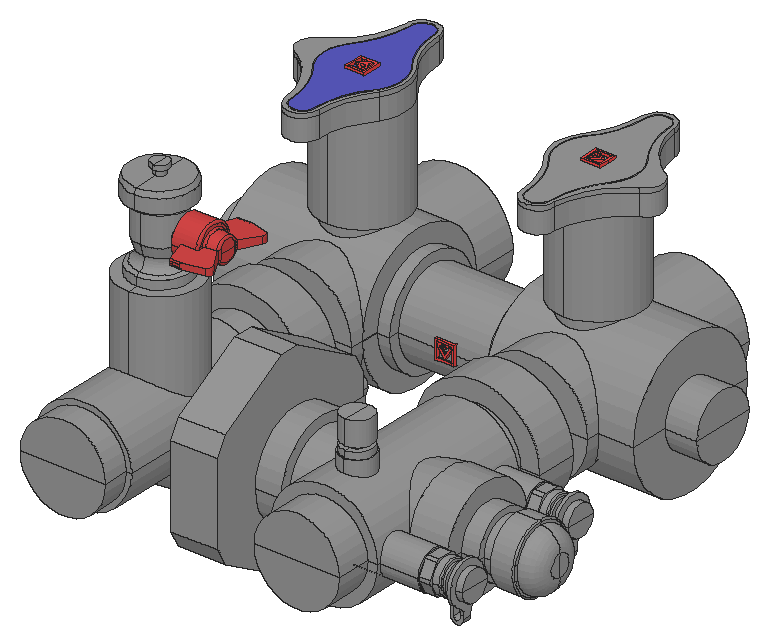
Revit family "HerzCon-Direktanschluss für FanCoils 120mm", category Rohrzubehör, Revit 2021
Family settings
  Bemaßung runder Anschluss = Durchmesser verwenden
  Teiletyp = Unterbricht
  OmniClass-Nummer = 23.65.55.14
  OmniClass-Titel = Valves for Liquid Services
  Arbeitsebenenbasiert = Nein
  Immer vertikal = Ja
  Beim Laden mit Abzugskörper schneiden = Nein
  Gemeinsam genutzt = Nein
Parameters (values of type "DN32")
  kvs-Wert (normale Funktion) = 4.57  # constant formula
  kvs-Wert (Bypass Funktion) = 14.2  # constant formula
  Vorgabe-Ansicht = 0.00 mm
  URL = "www.herz-armaturen.at"
  SCRNSEQ = "ARM;TYP_ARM=\"DURR\";02"
  SCRNCODE = "05;04;04"  # constant formula
  Nennweite SF [instance] = 40.00 mm  # constant formula
  Nennweite Kombi [instance] = 40.00 mm  # constant formula
  Nennweite KH [instance] = 32.00 mm  # constant formula
  Min. Betriebstemperatur = -20 °C  # constant formula
  Membrane und O-Ringe = "EPDM"  # constant formula
  Medium = "Heizungswasser gemäß ÖNORM H5195 oder VDI-Standard 2035.\r\nDie Verwendung von Ethylen- oder Propylenglykol-Gemischen in einem Verhältnis von 25-50 Vol.- % ist erlaubt."
  Max. Differenzdruck = 400000.0 Pa  # constant formula
  Max. Betriebstemperatur = 130 °C  # constant formula
  Max. Betriebsdruck = 2500000.0 Pa  # constant formula
  L11 = 16.00 mm  # constant formula
  L10 = 29.30 mm  # constant formula
  L09 = 20.00 mm  # constant formula
  L08 = 14.75 mm  # constant formula
  L07 = 19.25 mm  # constant formula
  L06 = 17.00 mm  # constant formula
  L05 = 26.50 mm  # constant formula
  L04 = 55.00 mm  # constant formula
  L03 = 22.40 mm  # constant formula
  L02 = 6.10 mm  # constant formula
  L01 = 15.00 mm  # constant formula
  L00 [instance] = 226.20 mm  # constant formula
  KR02 = 18.25 mm  # constant formula
  KR01 = 35.00 mm  # constant formula
  KL09 = 4.70 mm  # constant formula
  KL08 = KL06 + KL07  # 70.70 mm
  KL07 = 21.80 mm  # constant formula
  KL06 = KH01 + KL05  # 48.90 mm
  KL05 = 15.40 mm  # constant formula
  KL04 = 12.00 mm  # constant formula
  KL03 = KH03 - 9.00 mm  # 57.00 mm
  KL02 = 16.00 mm  # constant formula
  KL01 = 114.00 mm  # constant formula
  KH03 = 66.00 mm  # constant formula
  KH02 = KH01 + KD01  # 58.50 mm
  KH01 = 33.50 mm  # constant formula
  KD09 = 11.25 mm  # constant formula
  KD08 = 24.50 mm  # constant formula
  KD07 = 23.30 mm  # constant formula
  KD06 = 15.00 mm  # constant formula
  KD05 = 12.50 mm  # constant formula
  KD04 = 13.90 mm  # constant formula
  KD03 = 20.00 mm  # constant formula
  KD02 = 20.00 mm  # constant formula
  KD01 = 25.00 mm  # constant formula
  Hub = "4 mm"  # constant formula
  Hersteller = "HERZ Armaturen Ges.m.b.H."  # constant formula
  H01 = D02 + 1.00 mm  # 34.00 mm
  Gehäuse = "entzinkungsbeständiges Messing"  # constant formula
  D10 = 21.40 mm  # constant formula
  D09 = 13.00 mm  # constant formula
  D08 = 18.40 mm  # constant formula
  D07 = 39.00 mm  # constant formula
  D06 = 45.00 mm  # constant formula
  D05 = 54.50 mm  # constant formula
  D04 = 20.00 mm  # constant formula
  D03 = 24.50 mm  # constant formula
  D02 = 33.00 mm  # constant formula
  D01 = 15.00 mm  # constant formula
  Bestellnummer [instance] = 1460054  # constant formula
  Anwendungen = "Die HerzCON wurden entwickelt, um eine einfache Verbindung zu Gebläsekonvektoren oder anderen Anschlusseinheiten herzustellen.\r\nEin HerzCON ist eine Einheit, bestehend aus einem druckunabhängigen Kombiventil-Volumenstromregler (4006), Herz-Schmutzfänger, Herz-Entleerungshahn (2512) und zwei Herz-Multifunktionskugelhähnen.\r\nDas Ein-/ Aus Schalten sowie Modulieren ist über einen 0-10 V Stellantrieb möglich und kann bei Bedarf in eine GLT integriert werden.\r\nDie Einheit optimiert die Energieeffizienz des Systems, da es eine druckunabhängige Regelung ist, die den vollen Regelbereich unabhängig von Druckschwankungen gewährleistet, während gleichzeitig ein konstanter Durchfluss sichergestellt wird.\r\nMit der HerzCON können auch Spül- und Absperrvorgänge durchgeführt werden.\r\nEine Einheit kann für Heizen und Kühlen verwendet werden.\r\nEs gibt daher keinen Produktunterschied zwischen Heizen und Kühlen.\r\nDer am Sieb angebrachte Ablasshahn ermöglicht ein Spülen, ohne dass der Siebkorb entfernt werden muss.\r\nAußerdem kann der Siebkorb vor Ort gereinigt werden."
Reference planes
  plane 1 "Mitte (Vorne/hinten)": y = 0
  plane 2: z = 0
  plane 3 "Mitte (Links/rechts)": x = 0
Forms (mm)
  Revolve 1, solid, material "Messing, weicher Gelbton, geschweißt", detail levels fine
    sketch origin (0, -1.436, 0) x (1, 0, 0) y (0, 1, 0)
      loop
        line (-113.1, 1.436) -> (113.1, 1.436) -> (113.1, 16.436) -> (98.1, 16.436) -> (98.1, 34.436) -> (28.5, 34.436) -> (28.5, 25.936) -> (22.4, 25.936) -> (22.4, 21.436) -> (-22.4, 21.436) -> (-22.4, 25.936) -> (-28.5, 25.936) -> (-28.5, 34.436) -> (-98.1, 34.436) -> (-98.1, 16.436) -> (-113.1, 16.436) -> (-113.1, 1.436)
      axis (113.1, 1.436) -> (-113.1, 1.436)
    angle from 0 to 360
  Revolve 2, solid, material "Messing, weicher Gelbton, geschweißt", detail levels fine
    sketch origin (0, 0, 0) x (-1, 0, 0) y (0, 1, 0)
      loop
        line (-55, -57.4) -> (-55, 33.1) -> (-71, 33.1) -> (-71, 54.5) -> (-81.5, 54.5) -> (-81.5, -39) -> (-69.75, -39) -> (-69.75, -51.4) -> (-84.3, -51.4) -> (-84.3, -70.4) -> (-75, -70.4) -> (-75, -57.4) -> (-55, -57.4)
      axis (-55, -70.4) -> (-55, 54.5)
    angle from 0 to 360
  Revolve 3, solid, material "Messing, weicher Gelbton, geschweißt", detail levels fine
    sketch origin (0, 0, 0) x (1, 0, 0) y (0, 0, 1)
      loop
        line (-55, 0) -> (-55, 45) -> (-72, 45) -> (-72, 0) -> (-55, 0)
      axis (-55, 45) -> (-55, 0)
    angle from 0 to 360
  Revolve 4, solid, material "Messing, weicher Gelbton, geschweißt", detail levels fine
    sketch origin (0, 0, 0) x (-1, 0, 0) y (0, 0, 1)
      loop
        line (-55, 0) -> (-55, 45) -> (-72, 45) -> (-72, 0) -> (-55, 0)
      axis (-55, 45) -> (-55, 0)
    angle from 0 to 360
  Revolve 5, solid, material "Messing, weicher Gelbton, geschweißt", detail levels fine
    sketch origin (0, 0, 0) x (1, 0, 0) y (0, 1, 0)
      loop
        line (-55, -57.4) -> (-55, 33.1) -> (-71, 33.1) -> (-71, 54.5) -> (-81.5, 54.5) -> (-81.5, -39) -> (-69.75, -39) -> (-69.75, -51.4) -> (-84.3, -51.4) -> (-84.3, -70.4) -> (-75, -70.4) -> (-75, -57.4) -> (-55, -57.4)
      axis (-55, -70.4) -> (-55, 54.5)
    angle from 0 to 360
  Revolve 6, solid, material "Messing, weicher Gelbton, geschweißt", detail levels fine
    sketch origin (10, 7.177, 0) x (1, 0, 0) y (0, 1, 0)
      loop
        line (45, -68.677) -> (25, -68.677) -> (25, -84.677) -> (20, -84.677) -> (20, -166.677) -> (25, -166.677) -> (25, -182.677) -> (45, -182.677) -> (45, -68.677)
      axis (45, -68.677) -> (45, -182.677)
    angle from 0 to 360
  Revolve 7, solid, material "Messing, weicher Gelbton, geschweißt", detail levels fine
    sketch origin (10, -105.85, 0) x (1, 0, 0) y (0, 1, 0)
      loop
        line (11.5, -12.65) -> (11.5, -32.65) -> (45, -32.65) -> (70, -35.95) -> (87.8, -35.95) -> (87.8, -27.65) -> (96.3, -27.65) -> (96.3, -25.15) -> (102, -25.15) -> (102, -26.55) -> (111, -26.55) -> (111, -12.65) -> (11.5, -12.65)
      axis (11.5, -12.65) -> (111, -12.65)
    angle from 0 to 360
  Revolve 8, solid, material "Messing, weicher Gelbton, geschweißt", detail levels fine
    sketch origin (10, -105.85, 0) x (1, 0, 0) y (0, 1, 0)
      loop
        line (11.5, -12.65) -> (-3.9, -12.65) -> (-3.9, -23.9) -> (-0.5, -23.9) -> (-0.5, -37.15) -> (11.5, -37.15) -> (11.5, -12.65)
      axis (-3.9, -12.65) -> (11.5, -12.65)
    angle from 0 to 360
  Extrusion 9, solid, material "Messing, weicher Gelbton, geschweißt", detail levels fine
    sketch origin (-4.9, 62.574, 0) x (0, 1, 0) y (0, 0, 1)
      loop
        line (-176.324, 46) -> (-185.824, 46) -> (-218.536, 27.114) -> (-223.286, 18.886) -> (-223.286, -18.886) -> (-218.536, -27.114) -> (-185.824, -46) -> (-176.324, -46) -> (-143.612, -27.114) -> (-138.862, -18.886) -> (-138.862, 18.886) -> (-143.612, 27.114) -> (-176.324, 46)
    from 11 to -10.8
  Revolve 10, solid, material "Messing, weicher Gelbton, geschweißt", detail levels fine
    sketch origin (-4.9, -105.85, 0) x (1, 0, 0) y (0, 1, 0)
      loop
        line (-10.8, -12.65) -> (-10.8, 22.35) -> (-15.5, 5.6) -> (-15.5, -12.65) -> (-10.8, -12.65)
      axis (-15.5, -12.65) -> (-10.8, -12.65)
    angle from 0 to 360
  Extrusion 11, solid, material "Messing, weicher Gelbton, geschweißt", detail levels fine
    sketch origin (-4.9, -105.85, 0) x (1, 0, 0) y (0, 0, 1)
      loop
        line (11, 8) -> (-7.5, 8)
        arc (-7.5, 8) -> (-15.5, 0) -> (-7.5, -8) r 8
        line (-7.5, -8) -> (11, -8) -> (11, 8)
    from -30.847 to 12.65
  Revolve 12, solid, material "Messing, weicher Gelbton, geschweißt", detail levels fine
    sketch origin (-4.9, -105.85, 0) x (1, 0, 0) y (0, 1, 0)
      loop
        line (-14.5, 30.847) -> (-7.5, 30.847) -> (-7.5, 46.847) -> (-14.5, 46.847) -> (-14.5, 35.847) -> (-11.5, 35.847) -> (-11.5, 33.847) -> (-14.5, 33.847) -> (-14.5, 30.847)
      axis (-7.5, 46.847) -> (-7.5, 30.847)
    angle from 0 to 360
  Revolve 13, solid, material "Messing, weicher Gelbton, geschweißt", detail levels fine
    sketch origin (55, -105.85, 0) x (0, 1, 0) y (0, 0, 1)
      loop
        line (-34.65, 0) -> (-26.85, 0) -> (-26.85, 31) -> (-27.65, 31) -> (-27.65, 34) -> (-30.65, 34) -> (-30.65, 36) -> (-27.65, 36) -> (-27.65, 47) -> (-34.65, 47) -> (-34.65, 0)
      axis (-34.65, 47) -> (-34.65, 0)
    angle from 0 to 360
  Revolve 14, solid, material "Messing, weicher Gelbton, geschweißt", detail levels fine
    sketch origin (0, 0, 0) x (1, 0, 0) y (0, 1, 0)
      loop
        line (55, -96.5) -> (97.8, -96.5) -> (97.8, -87.5) -> (55, -87.5) -> (55, -96.5)
      axis (97.8, -87.5) -> (55, -87.5)
    angle from 0 to 360
  Revolve 15, solid, material "Messing, weicher Gelbton, geschweißt", detail levels fine
    sketch origin (0, -396.8, 0) x (1, 0, 0) y (0, -1, 0)
      loop
        line (55, -256.3) -> (97.8, -256.3) -> (97.8, -247.3) -> (55, -247.3) -> (55, -256.3)
      axis (97.8, -247.3) -> (55, -247.3)
    angle from 0 to 360
  Revolve 16, solid, material "Messing, weicher Gelbton, geschweißt", detail levels fine
    sketch origin (0, 251.113, 0) x (1, 0, 0) y (0, 1, 0)
      loop
        line (-55, -312.613) -> (-75, -312.613) -> (-75, -335.613) -> (-77.5, -335.613) -> (-77.5, -413.943) -> (-75, -413.943) -> (-75, -425.613) -> (-55, -425.613) -> (-55, -312.613)
      axis (-55, -312.613) -> (-55, -425.613)
    angle from 0 to 360
  Revolve 17, solid, material "Messing, weicher Gelbton, geschweißt", detail levels fine
    sketch origin (-55, 0, 0) x (0, 1, 0) y (0, 0, 1)
      loop
        line (-105, 0) -> (-105, -36)
        arc (-105, -36) -> (-92.506, -32.657) -> (-84.5, -22.5) r 20.5
        line (-84.5, -22.5) -> (-84.5, 0) -> (-105, 0)
      axis (-105, 0) -> (-105, -36)
    angle from 0 to 360
  Revolve 18, solid, material "Messing, weicher Gelbton, geschweißt", detail levels fine
    sketch origin (-55, -511.376, 0) x (0, 1, 0) y (0, 0, 1)
      loop
        line (393.376, 0) -> (411.876, 0) -> (411.876, 57) -> (406.876, 57) -> (406.876, 61) -> (404.999, 62.084)
        arc (404.999, 62.084) -> (402.831, 64.622) -> (402.743, 67.959) r 5
        line (402.743, 67.959) -> (404.381, 73) -> (404.381, 88) -> (406.581, 88) -> (406.581, 89.5) -> (408.361, 89.5) -> (408.361, 96) -> (407.361, 98.5) -> (395.861, 98.5) -> (395.861, 101.5) -> (397.361, 101.5) -> (397.361, 103.5) -> (393.376, 103.5) -> (393.376, 0)
      axis (393.376, 103.5) -> (393.376, 0)
    angle from 0 to 360
  Extrusion 19, solid, material "Messing, weicher Gelbton, geschweißt", detail levels fine
    sketch origin (5.52, -501.459, 12) x (0, 1, 0) y (0, 0, 1)
      loop
        circle (383.459, 65) r 5.5
    from -60.52 to -43.52
Dimensions and locks
  "L00": Revolve 1 sketch curve to Revolve 1 sketch curve
  "L01": Revolve 1 sketch curve to Revolve 1 sketch curve  (x2)
  "L02": Revolve 1 sketch curve to Revolve 1 sketch curve  (x2)
  equal spacing: Revolve 1 sketch curve, plane 3 "Mitte (Links/rechts)", Revolve 1 sketch curve
  "D01": Revolve 1 sketch curve to Revolve 1 sketch curve  (x2)
  "D02": Revolve 1 sketch curve to Revolve 1 sketch curve  (x2)
  "D03": Revolve 1 sketch curve to Revolve 1 sketch curve  (x2)
  "D04": Revolve 1 sketch curve to Revolve 1 sketch curve
  "D04": nested 2 to plane 1 "Mitte (Vorne/hinten)"
  "D04": nested 1 to plane 1 "Mitte (Vorne/hinten)"
  "L03": Revolve 1 sketch curve to plane 3 "Mitte (Links/rechts)" to Revolve 1 sketch curve
  "L05": Revolve 2 sketch curve to Revolve 2 sketch curve
  "L04": plane 3 "Mitte (Links/rechts)" to Revolve 2 sketch curve  (x2)
  "L04": plane 3 "Mitte (Links/rechts)" to Revolve 3 sketch curve  (x2)
  "L06": Revolve 3 sketch curve to Revolve 3 sketch curve
  "D06": Revolve 3 sketch curve to plane 2
  "L06": Revolve 4 sketch curve to Revolve 4 sketch curve
  "D06": Revolve 4 sketch curve to plane 2
  "L04": plane 3 "Mitte (Links/rechts)" to Revolve 4 sketch curve
  "L04": Revolve 4 sketch curve to plane 3 "Mitte (Links/rechts)"
  "L04": plane 3 "Mitte (Links/rechts)" to nested 3
  "L04": nested 4 to plane 3 "Mitte (Links/rechts)"
  "H01": nested 3 to plane 2
  "H01": nested 4 to plane 2
  "D05": plane 1 "Mitte (Vorne/hinten)" to Revolve 2 sketch curve
  "D07": Revolve 2 sketch curve to plane 1 "Mitte (Vorne/hinten)"
  "D08": Revolve 2 sketch curve to Revolve 2 sketch curve
  "L08": Revolve 2 sketch curve to Revolve 2 sketch curve
  "L10": Revolve 2 sketch curve to Revolve 2 sketch curve
  "L09": Revolve 2 sketch curve to Revolve 2 sketch curve
  "D09": Revolve 2 sketch curve to Revolve 2 sketch curve
  "L05": Revolve 5 sketch curve to Revolve 5 sketch curve
  "D08": Revolve 5 sketch curve to Revolve 5 sketch curve
  "L08": Revolve 5 sketch curve to Revolve 5 sketch curve
  "L10": Revolve 5 sketch curve to Revolve 5 sketch curve
  "L09": Revolve 5 sketch curve to Revolve 5 sketch curve
  "D09": Revolve 5 sketch curve to Revolve 5 sketch curve
  "D05": plane 1 "Mitte (Vorne/hinten)" to Revolve 5 sketch curve
  "D07": Revolve 5 sketch curve to plane 1 "Mitte (Vorne/hinten)"
  "L11": Revolve 5 sketch curve to Revolve 5 sketch curve
  "L04": Revolve 5 sketch curve to plane 3 "Mitte (Links/rechts)"  (x2)
  "D10": Revolve 5 sketch curve to Revolve 5 sketch curve
  "L11": Revolve 2 sketch curve to Revolve 2 sketch curve
  "D10": Revolve 2 sketch curve to Revolve 2 sketch curve
  "KD02": Revolve 6 sketch curve to Revolve 6 sketch curve  (x2)
  "KD01": Revolve 6 sketch curve to Revolve 6 sketch curve
  Revolve 6 sketch curve to Revolve 6 sketch curve = 114.00 mm
  "KL02": Revolve 6 sketch curve to Revolve 6 sketch curve  (x2)
  equal spacing: Revolve 6, Revolve 7 sketch curve, Revolve 6  (x2)
  Revolve 7 sketch curve to Revolve 7 sketch curve = 99.50 mm
  Revolve 7 sketch curve to Revolve 7 sketch curve = 9.00 mm
  Revolve 7 sketch curve to Revolve 7 sketch curve = 5.70 mm
  Revolve 7 sketch curve to Revolve 7 sketch curve = 8.50 mm
  "KD04": Revolve 7 sketch curve to Revolve 7 sketch curve
  "KD05": Revolve 7 sketch curve to Revolve 7 sketch curve
  "KD06": Revolve 7 sketch curve to Revolve 7 sketch curve
  "KD03": Revolve 7 sketch curve to Revolve 7 sketch curve
  "KH01": Revolve 7 sketch curve to Revolve 7 sketch curve
  "KH02": Revolve 7 sketch curve to Revolve 7 sketch curve
  "KH01": Revolve 8 sketch curve to Revolve 7
  equal spacing: Revolve 6, Revolve 8 sketch curve, Revolve 6  (x2)
  "KD08": Revolve 8 sketch curve to Revolve 8 sketch curve
  "KD09": Revolve 8 sketch curve to Revolve 8 sketch curve
  "KL05": Revolve 8 sketch curve to Revolve 8 sketch curve
  "KL04": Revolve 8 sketch curve to Revolve 8 sketch curve
  equal spacing: Revolve 6, Revolve 10 sketch curve, Revolve 6  (x2)
  "KR02": Revolve 10 sketch curve to Revolve 10 sketch curve
  "KR01": Revolve 10 sketch curve to Revolve 10 sketch curve
  "KL09": Revolve 10 sketch curve to Extrusion 9
  equal spacing: Revolve 6, nested 5, Revolve 6
  Revolve 12 sketch curve to Revolve 12 sketch curve = 7.00 mm  (x2)
  Revolve 12 sketch curve to Revolve 12 sketch curve = 4.00 mm
  Revolve 12 sketch curve to Revolve 12 sketch curve = 3.00 mm
  Revolve 12 sketch curve to Revolve 12 sketch curve = 2.00 mm
  Revolve 12 sketch curve to Revolve 12 sketch curve = 11.00 mm
  Revolve 10 to Revolve 12 sketch curve = 1.00 mm
  Revolve 10 to Revolve 12 sketch curve = 8.00 mm
  Extrusion 11 to Revolve 12 sketch curve = 43.497 mm
  equal spacing: Revolve 6, Extrusion 11, Revolve 6
  Revolve 13 sketch curve to Revolve 13 sketch curve = 7.80 mm
  Revolve 13 sketch curve to Revolve 13 sketch curve = 7.00 mm  (x2)
  Revolve 13 sketch curve to Revolve 13 sketch curve = 4.00 mm
  Revolve 13 sketch curve to Revolve 13 sketch curve = 3.00 mm
  Revolve 13 sketch curve to Revolve 13 sketch curve = 2.00 mm
  Revolve 13 sketch curve to Revolve 13 sketch curve = 11.00 mm
  "L04": plane 3 "Mitte (Links/rechts)" to Revolve 6 sketch curve  (x2)
  "KH03": Revolve 7 sketch curve to Revolve 7 sketch curve
  "KD07": Revolve 7 sketch curve to Revolve 7 sketch curve
  "KL03": Revolve 7 to nested 5
  "KL06": Extrusion 9 to Revolve 7
  Extrusion 9 sketch curve to Extrusion 9 sketch curve = 92.00 mm  (x3)
  Extrusion 9 sketch curve to Extrusion 9 sketch curve = 84.424 mm  (x3)
  "KL07": Extrusion 9 to Extrusion 9
  "KL08": Revolve 10 sketch curve to Revolve 7
  Revolve 6 to Extrusion 9 sketch curve = 14.788 mm
  Extrusion 9 sketch curve to Revolve 6 = 14.788 mm
  Extrusion 11 sketch curve to Extrusion 11 sketch curve = 26.50 mm
  Revolve 14 sketch curve to Revolve 14 sketch curve = 42.80 mm
  Revolve 14 sketch curve to Revolve 14 sketch curve = 9.00 mm
  Revolve 14 sketch curve to Revolve 6 = 26.00 mm  (x2)
  Revolve 15 sketch curve to Revolve 15 sketch curve = 42.80 mm
  Revolve 15 sketch curve to Revolve 15 sketch curve = 9.00 mm
  Revolve 6 to Revolve 15 sketch curve = 26.00 mm  (x2)
  Revolve 6 to nested 6 = 26.00 mm
  Revolve 7 to nested 6 = 42.80 mm
  nested 7 to Revolve 6 = 26.00 mm
  Revolve 7 to nested 7 = 42.80 mm
  Revolve 13 sketch curve to plane 2 = 31.00 mm
  Revolve 13 sketch curve to Revolve 6 = 35.00 mm  (x2)
  Revolve 2 to Revolve 6 = 230.00 mm
  Revolve 16 sketch curve to Revolve 16 sketch curve = 23.00 mm
  Revolve 16 sketch curve to Revolve 16 sketch curve = 11.67 mm
  Revolve 16 sketch curve to Revolve 16 sketch curve = 113.00 mm
  "L04": Revolve 16 sketch curve to plane 3 "Mitte (Links/rechts)"  (x2)
  Revolve 16 sketch curve to Revolve 16 sketch curve = 20.00 mm  (x2)
  Revolve 16 sketch curve to Revolve 16 sketch curve = 22.50 mm
  Revolve 17 sketch curve to Revolve 17 sketch curve = 22.50 mm
  Revolve 17 sketch curve to Revolve 17 sketch curve = 20.50 mm
  "L04": Revolve 17 to plane 3 "Mitte (Links/rechts)"
  Revolve 18 sketch curve to Revolve 18 sketch curve = 13.50 mm
  "L04": Revolve 18 to plane 3 "Mitte (Links/rechts)"
  Revolve 18 sketch curve to plane 2 = 57.00 mm
  Revolve 18 sketch curve to Revolve 18 sketch curve = 4.00 mm
  equal spacing: Revolve 16, Revolve 18 sketch curve, Revolve 16  (x2)
  "L04": Extrusion 19 to plane 3 "Mitte (Links/rechts)"
  Extrusion 19 to Extrusion 19 = 17.00 mm
  Revolve 18 to Extrusion 19 = 11.00 mm
  Revolve 18 to nested 8 = 11.00 mm
  equal spacing: Revolve 16, nested 8, Revolve 16
  equal spacing: Revolve 16, Extrusion 19 sketch curve, Revolve 16
  Revolve 16 to Revolve 5 = 229.00 mm
  Revolve 16 to Revolve 17 sketch curve = 43.50 mm  (x2)
  plane 2 to Revolve 17 sketch curve = 36.00 mm
  radius of Extrusion 11 sketch curve = 8.00 mm
  radius of Extrusion 19 sketch curve = 5.50 mm
  aligned and locked: level to plane 2
Automatic sketch dimensions
  Extrusion 9 sketch curve to level = 27.114 mm  (x2)
  Extrusion 9 sketch curve to Extrusion 9 sketch curve = 4.75 mm  (x2)
  level to Extrusion 9 sketch curve = 27.114 mm  (x2)
  Extrusion 9 sketch curve to Extrusion 9 sketch curve = 32.712 mm  (x2)
  level to Extrusion 9 sketch curve = 46.00 mm
  Extrusion 9 sketch curve to Extrusion 9 sketch curve = 9.50 mm
  Extrusion 9 sketch curve to Extrusion 9 sketch curve = 8.227 mm  (x2)
  Extrusion 11 sketch curve to level = 0.00 mm
  Extrusion 11 sketch curve to plane 3 "Mitte (Links/rechts)" = 12.40 mm
  Revolve 12 sketch curve to Revolve 12 sketch curve = 1.775 mm
  Revolve 12 sketch curve to Revolve 12 sketch curve = 4.225 mm
  Revolve 13 sketch curve to level = 0.00 mm
  level to Revolve 13 sketch curve = 7.505 mm
  Revolve 13 sketch curve to Revolve 13 sketch curve = 10.256 mm
  plane 3 "Mitte (Links/rechts)" to Revolve 14 sketch curve = 55.00 mm
  Revolve 14 sketch curve to Revolve 14 sketch curve = 12.80 mm
  Revolve 14 sketch curve to Revolve 14 sketch curve = 5.00 mm
  Revolve 15 sketch curve to plane 3 "Mitte (Links/rechts)" = 55.00 mm
  Revolve 15 sketch curve to Revolve 15 sketch curve = 12.80 mm
  Revolve 15 sketch curve to Revolve 15 sketch curve = 5.00 mm
  Revolve 17 sketch curve to level = 0.00 mm
  Revolve 17 sketch curve to Revolve 17 sketch curve = 1.219 mm
  Revolve 17 sketch curve to Revolve 17 sketch curve = 6.00 mm
  Revolve 17 sketch curve to level = 5.00 mm
  Revolve 18 sketch curve to level = 0.00 mm
  Revolve 18 sketch curve to Revolve 18 sketch curve = 2.485 mm
  Revolve 18 sketch curve to Revolve 18 sketch curve = 1.50 mm  (x2)
  level to Revolve 18 sketch curve = 67.959 mm
  Revolve 18 sketch curve to Revolve 18 sketch curve = 6.883 mm
  Revolve 18 sketch curve to Revolve 18 sketch curve = 8.52 mm
  level to Revolve 18 sketch curve = 62.084 mm
  Revolve 18 sketch curve to Revolve 18 sketch curve = 2.255 mm
  Revolve 18 sketch curve to Revolve 18 sketch curve = 2.20 mm
  level to Revolve 18 sketch curve = 98.50 mm
  Revolve 18 sketch curve to Revolve 18 sketch curve = 0.78 mm
  Revolve 18 sketch curve to Revolve 18 sketch curve = 2.50 mm  (x2)
  Revolve 18 sketch curve to Revolve 18 sketch curve = 1.78 mm
  Revolve 18 sketch curve to Revolve 18 sketch curve = 5.041 mm
  Revolve 18 sketch curve to Revolve 18 sketch curve = 10.50 mm
  Revolve 18 sketch curve to Revolve 18 sketch curve = 3.00 mm
  Revolve 18 sketch curve to Revolve 18 sketch curve = 2.00 mm
  Revolve 18 sketch curve to Revolve 18 sketch curve = 8.124 mm
  Revolve 18 sketch curve to Revolve 18 sketch curve = 5.00 mm
  Revolve 18 sketch curve to Revolve 18 sketch curve = 21.227 mm
  level to Extrusion 19 sketch curve = 77.00 mm
  Revolve 1 sketch curve to plane 1 "Mitte (Vorne/hinten)" = 0.00 mm
  plane 1 "Mitte (Vorne/hinten)" to Revolve 1 sketch curve = 0.00 mm
  Revolve 1 sketch curve to Revolve 1 sketch curve = 1904.835 mm  (x2)
  Revolve 2 sketch curve to Revolve 2 sketch curve = 6.00 mm
  Revolve 2 sketch curve to Revolve 2 sketch curve = 7.746 mm
  Revolve 2 sketch curve to Revolve 2 sketch curve = 7.208 mm
  Revolve 3 sketch curve to level = 0.00 mm  (x2)
  Revolve 3 sketch curve to Revolve 3 sketch curve = 6.726 mm
  Revolve 4 sketch curve to level = 0.00 mm  (x2)
  Revolve 4 sketch curve to Revolve 4 sketch curve = 6.726 mm
  Revolve 5 sketch curve to Revolve 5 sketch curve = 6.00 mm
  Revolve 5 sketch curve to Revolve 5 sketch curve = 7.746 mm
  Revolve 5 sketch curve to Revolve 5 sketch curve = 7.208 mm
  plane 1 "Mitte (Vorne/hinten)" to Revolve 6 sketch curve = 175.50 mm
  Revolve 6 sketch curve to Revolve 6 sketch curve = 6.00 mm
  Revolve 6 sketch curve to Revolve 6 sketch curve = 5.00 mm
  plane 3 "Mitte (Links/rechts)" to Revolve 7 sketch curve = 21.50 mm
  Revolve 7 sketch curve to Revolve 7 sketch curve = 5.00 mm
  Revolve 7 sketch curve to Revolve 7 sketch curve = 11.575 mm
  Revolve 8 sketch curve to Revolve 8 sketch curve = 2.197 mm
  Revolve 8 sketch curve to Revolve 8 sketch curve = 3.212 mm
  Revolve 10 sketch curve to Revolve 10 sketch curve = 0.00 mm  (x2)
  plane 1 "Mitte (Vorne/hinten)" to Revolve 16 sketch curve = 174.50 mm
  Revolve 16 sketch curve to Revolve 16 sketch curve = 26.33 mm
  Revolve 16 sketch curve to Revolve 16 sketch curve = 12.00 mm
Nested families
  nested 1: "Herz-Logo-vorne" at (0, -20, 0) x (0, 1, 0) z (0, 0, 1), type "Herz-Logo-vorne", detail levels fine
  nested 2: "Herz-Logo-vorne" at (0, 20, 0) x (0, 1, 0) z (0, 0, 1), type "Herz-Logo-vorne", detail levels fine
  nested 3: "Handrad (blau) für HerzCon DN25-DN32" at (-55, 0, 34) x (0, -1, 0) z (0, 0, 1), type "Handrad (blau) für HerzCon DN25-DN32", detail levels fine
  nested 4: "Handrad (rot) für HerzCon DN25-DN32" at (55, 0, 34) x (0, 1, 0) z (0, 0, 1), type "Handrad (rot) für HerzCon DN25-DN32", detail levels fine
  nested 5: "Bauschutzkappe für HerCon" at (112, -118.5, 0), type "Bauschutzkappe für HerCon", detail levels fine
  nested 6: "Messstutzen_Band_Eintritt" at (80.3, -149.5, 0) x (0, 1, 0) z (0, 0, 1), type "Messstutzen_Band_Eintritt", detail levels fine
    with Schutzkappe yes, Nennweite 0.00 mm, Gewicht 0.00 kg, Bestellnummer 0
  nested 7: "Messstutzen_Band_Austritt" at (80.3, -87.5, 0) x (0, 1, 0) z (0, 0, 1), type "Messstutzen_Band_Austritt", detail levels fine
    with Schutzkappe yes, Nennweite 0.00 mm, Gewicht 0.00 kg, Bestellnummer 0
  nested 8: "Flügelgriff rot (seite)" at (-42, -118, 77), type "Flügelgriff rot (seite)"
Connectors
  piping at (55, -175.5, 0), diameter 40, driven by "Nennweite Kombi"
    settings: on Revolve 6, index 1, connector inside diameter 609.6 mm, connector length 0.00 mm, flow factor 0, pipe flow 0.0 L/s, pressure drop 0.0 Pa, fitting loss kfactor 0, connector angle 0.00°, fixture units 0, engagement length 0.00 mm, angle of deflection 0.00°, flow configuration 0, flow direction 1, fitting loss method 0, system type 7, joint type 0, gender type 0, connector reference index -1, connector utility 0, adjustable connector no, is connector primary yes, connector description ""
  piping at (-55, -174.5, 0), diameter 40, driven by "Nennweite SF"
    settings: on Revolve 16, index 2, connector inside diameter 609.6 mm, connector length 0.00 mm, flow factor 0, pipe flow 0.0 L/s, pressure drop 0.0 Pa, fitting loss kfactor 0, connector angle 0.00°, fixture units 0, engagement length 0.00 mm, angle of deflection 0.00°, flow configuration 0, flow direction 2, fitting loss method 0, system type 8, joint type 0, gender type 0, connector reference index -1, connector utility 0, adjustable connector no, is connector primary no, connector description ""
  piping at (55, 33.1, 0), diameter 32, driven by "Nennweite KH"
    settings: on Revolve 2, index 3, connector inside diameter 609.6 mm, connector length 0.00 mm, flow factor 0, pipe flow 0.0 L/s, pressure drop 0.0 Pa, fitting loss kfactor 0, connector angle 0.00°, fixture units 0, engagement length 0.00 mm, angle of deflection 0.00°, flow configuration 0, flow direction 2, fitting loss method 0, system type 7, joint type 0, gender type 0, connector reference index -1, connector utility 0, adjustable connector no, is connector primary no, connector description ""
  piping at (-55, 33.1, 0), diameter 32, driven by "Nennweite KH"
    settings: on Revolve 5, index 4, connector inside diameter 609.6 mm, connector length 0.00 mm, flow factor 0, pipe flow 0.0 L/s, pressure drop 0.0 Pa, fitting loss kfactor 0, connector angle 0.00°, fixture units 0, engagement length 0.00 mm, angle of deflection 0.00°, flow configuration 0, flow direction 1, fitting loss method 0, system type 8, joint type 0, gender type 0, connector reference index -1, connector utility 0, adjustable connector no, is connector primary no, connector description ""
Definition of nested family "Herz-Logo-vorne"
  Parameters (values of type "Herz-Logo-vorne")
    Default Elevation = 0.00 mm
  Reference planes
    plane 1 "Mitte (Vorne/hinten)": y = 0
    plane 2: z = 0
    plane 3 "Mitte (Links/rechts)": x = 0
  Forms (mm)
    Extrusion 1, solid
      sketch origin (0.732, -0.018, 0.017) x (0, -1, 0) y (0, 0, 1)
        loop
          line (-0.018, -4.517) -> (4.482, -4.517) -> (4.482, 4.483) -> (-4.518, 4.483) -> (-4.518, -4.517) -> (-0.018, -4.517)
        loop
          line (-0.05, -3.48) -> (3.482, -3.48) -> (3.482, 3.483) -> (-3.518, 3.483) -> (-3.518, -3.48) -> (-0.05, -3.48)
        loop
          arc (-0.018, 2.383) -> (-1.543, 3.287) -> (-3.067, 2.383) r 1.738
          arc (-3.067, 2.383) -> (-3.191, 1.899) -> (-3.067, 1.415) r 1.009
          line (-3.067, 1.415) -> (-0.018, -3.281) -> (3.032, 1.415)
          arc (3.032, 1.415) -> (3.156, 1.899) -> (3.032, 2.383) r 1.009
          arc (3.032, 2.383) -> (1.507, 3.287) -> (-0.018, 2.383) r 1.738
        loop
          arc (1.885, 1.272) -> (2.005, 1.675) -> (1.885, 2.079) r 0.74
          arc (1.885, 2.079) -> (1.265, 2.416) -> (0.644, 2.079) r 0.74
          line (0.644, 2.079) -> (-0.018, 0.97) -> (-0.679, 2.079)
          arc (-0.679, 2.079) -> (-1.3, 2.416) -> (-1.921, 2.079) r 0.74
          arc (-1.921, 2.079) -> (-2.04, 1.675) -> (-1.921, 1.272) r 0.74
          line (-1.921, 1.272) -> (-0.018, -1.658) -> (1.885, 1.272)
      from 0 to 1.5
  Dimensions and locks
    aligned and locked: level to plane 2
Definition of nested family "Handrad (blau) für HerzCon DN25-DN32"
  Parameters (values of type "Handrad (blau) für HerzCon DN25-DN32")
    Default Elevation = 0.00 mm
  Reference planes
    plane 1 "Mitte (Vorne/hinten)": y = 0
    plane 2: z = 0
    plane 3 "Mitte (Links/rechts)": x = 0
  Forms (mm)
    Extrusion 1, solid, detail levels fine
      sketch origin (0, 0, 0) x (1, 0, 0) y (0, 1, 0)
        loop
          circle (0, 0) r 20
      from 0 to 45
    Extrusion 2, solid, detail levels fine
      sketch origin (0, 0, 0) x (1, 0, 0) y (0, 1, 0)
        loop
          arc (-35, 7.5) -> (-42.5, 0) -> (-35, -7.5) r 7.5
          arc (-35, -7.5) -> (-19.287, -13.2) -> (-7.275, -24.825) r 40
          arc (-7.275, -24.825) -> (0, -30) -> (7.275, -24.825) r 7.7
          arc (7.275, -24.825) -> (19.287, -13.2) -> (35, -7.5) r 40
          arc (35, -7.5) -> (42.5, 0) -> (35, 7.5) r 7.5
          arc (35, 7.5) -> (22.22, 10.127) -> (10.965, 16.726) r 40
          arc (10.965, 16.726) -> (0, 20) -> (-10.965, 16.726) r 20
          arc (-10.965, 16.726) -> (-22.22, 10.127) -> (-35, 7.5) r 40
      from 45 to 55
    Extrusion 3, solid, detail levels fine
      sketch origin (0, 0, 0) x (1, 0, 0) y (0, 1, 0)
        loop
          arc (-35, 7.5) -> (-42.5, 0) -> (-35, -7.5) r 7.5
          arc (-35, -7.5) -> (-19.287, -13.2) -> (-7.275, -24.825) r 40
          arc (-7.275, -24.825) -> (0, -30) -> (7.275, -24.825) r 7.7
          arc (7.275, -24.825) -> (19.287, -13.2) -> (35, -7.5) r 40
          arc (35, -7.5) -> (42.5, 0) -> (35, 7.5) r 7.5
          arc (35, 7.5) -> (22.22, 10.127) -> (10.965, 16.726) r 40
          arc (10.965, 16.726) -> (0, 20) -> (-10.965, 16.726) r 20
          arc (-10.965, 16.726) -> (-22.22, 10.127) -> (-35, 7.5) r 40
        loop
          arc (-34.965, 5.5) -> (-40.5, 0) -> (-34.965, -5.5) r 5.5
          arc (-34.965, -5.5) -> (-21.579, -8.231) -> (-9.777, -15.113) r 42
          arc (-9.777, -15.113) -> (0, -18) -> (9.777, -15.113) r 18
          arc (9.777, -15.113) -> (21.579, -8.231) -> (34.965, -5.5) r 42
          arc (34.965, -5.5) -> (40.5, 0) -> (34.965, 5.5) r 5.5
          arc (34.965, 5.5) -> (21.579, 8.231) -> (9.777, 15.113) r 42
          arc (9.777, 15.113) -> (0, 18) -> (-9.777, 15.113) r 18
          arc (-9.777, 15.113) -> (-21.579, 8.231) -> (-34.965, 5.5) r 42
      from 55 to 57
    Extrusion 4, solid, detail levels fine
      sketch origin (0, 0, 0) x (1, 0, 0) y (0, 1, 0)
        loop
          arc (-34.965, 5.5) -> (-40.5, 0) -> (-34.965, -5.5) r 5.5
          arc (-34.965, -5.5) -> (-21.579, -8.231) -> (-9.777, -15.113) r 42
          arc (-9.777, -15.113) -> (0, -18) -> (9.777, -15.113) r 18
          arc (9.777, -15.113) -> (21.579, -8.231) -> (34.965, -5.5) r 42
          arc (34.965, -5.5) -> (40.5, 0) -> (34.965, 5.5) r 5.5
          arc (34.965, 5.5) -> (21.579, 8.231) -> (9.777, 15.113) r 42
          arc (9.777, 15.113) -> (0, 18) -> (-9.777, 15.113) r 18
          arc (-9.777, 15.113) -> (-21.579, 8.231) -> (-34.965, 5.5) r 42
      from 55 to 57
  Dimensions and locks
    aligned and locked: level to plane 2
  Nested families
    nested 1: "Herz-Logo" at (0, 0, 56.5), type "Herz-Logo", detail levels fine
  Definition of nested family "Herz-Logo"
    Parameters (values of type "Herz-Logo")
      Default Elevation = 0.00 mm
    Reference planes
      plane 1 "Mitte (Vorne/hinten)": y = 0
      plane 2: z = 0
      plane 3 "Mitte (Links/rechts)": x = 0
    Forms (mm)
      Extrusion 1, solid
        sketch origin (0, 0, 0) x (1, 0, 0) y (0, 1, 0)
          loop
            line (-0.018, -4.517) -> (4.482, -4.517) -> (4.482, 4.483) -> (-4.518, 4.483) -> (-4.518, -4.517) -> (-0.018, -4.517)
          loop
            line (-0.05, -3.48) -> (3.482, -3.48) -> (3.482, 3.483) -> (-3.518, 3.483) -> (-3.518, -3.48) -> (-0.05, -3.48)
          loop
            arc (-0.018, 2.383) -> (-1.543, 3.287) -> (-3.067, 2.383) r 1.738
            arc (-3.067, 2.383) -> (-3.191, 1.899) -> (-3.067, 1.415) r 1.009
            line (-3.067, 1.415) -> (-0.018, -3.281) -> (3.032, 1.415)
            arc (3.032, 1.415) -> (3.156, 1.899) -> (3.032, 2.383) r 1.009
            arc (3.032, 2.383) -> (1.507, 3.287) -> (-0.018, 2.383) r 1.738
          loop
            arc (1.885, 1.272) -> (2.005, 1.675) -> (1.885, 2.079) r 0.74
            arc (1.885, 2.079) -> (1.265, 2.416) -> (0.644, 2.079) r 0.74
            line (0.644, 2.079) -> (-0.018, 0.97) -> (-0.679, 2.079)
            arc (-0.679, 2.079) -> (-1.3, 2.416) -> (-1.921, 2.079) r 0.74
            arc (-1.921, 2.079) -> (-2.04, 1.675) -> (-1.921, 1.272) r 0.74
            line (-1.921, 1.272) -> (-0.018, -1.658) -> (1.885, 1.272)
        from 0 to 1.5
    Dimensions and locks
      aligned and locked: level to plane 2
Definition of nested family "Handrad (rot) für HerzCon DN25-DN32"
  Parameters (values of type "Handrad (rot) für HerzCon DN25-DN32")
    Default Elevation = 0.00 mm
  Reference planes
    plane 1 "Mitte (Vorne/hinten)": y = 0
    plane 2: z = 0
    plane 3 "Mitte (Links/rechts)": x = 0
  Forms (mm)
    Extrusion 1, solid, detail levels fine
      sketch origin (0, 0, 0) x (1, 0, 0) y (0, 1, 0)
        loop
          circle (0, 0) r 20
      from 0 to 45
    Extrusion 2, solid, detail levels fine
      sketch origin (0, 0, 0) x (1, 0, 0) y (0, 1, 0)
        loop
          arc (-35, 7.5) -> (-42.5, 0) -> (-35, -7.5) r 7.5
          arc (-35, -7.5) -> (-19.287, -13.2) -> (-7.275, -24.825) r 40
          arc (-7.275, -24.825) -> (0, -30) -> (7.275, -24.825) r 7.7
          arc (7.275, -24.825) -> (19.287, -13.2) -> (35, -7.5) r 40
          arc (35, -7.5) -> (42.5, 0) -> (35, 7.5) r 7.5
          arc (35, 7.5) -> (22.22, 10.127) -> (10.965, 16.726) r 40
          arc (10.965, 16.726) -> (0, 20) -> (-10.965, 16.726) r 20
          arc (-10.965, 16.726) -> (-22.22, 10.127) -> (-35, 7.5) r 40
      from 45 to 55
    Extrusion 3, solid, detail levels fine
      sketch origin (0, 0, 0) x (1, 0, 0) y (0, 1, 0)
        loop
          arc (-35, 7.5) -> (-42.5, 0) -> (-35, -7.5) r 7.5
          arc (-35, -7.5) -> (-19.287, -13.2) -> (-7.275, -24.825) r 40
          arc (-7.275, -24.825) -> (0, -30) -> (7.275, -24.825) r 7.7
          arc (7.275, -24.825) -> (19.287, -13.2) -> (35, -7.5) r 40
          arc (35, -7.5) -> (42.5, 0) -> (35, 7.5) r 7.5
          arc (35, 7.5) -> (22.22, 10.127) -> (10.965, 16.726) r 40
          arc (10.965, 16.726) -> (0, 20) -> (-10.965, 16.726) r 20
          arc (-10.965, 16.726) -> (-22.22, 10.127) -> (-35, 7.5) r 40
        loop
          arc (-34.965, 5.5) -> (-40.5, 0) -> (-34.965, -5.5) r 5.5
          arc (-34.965, -5.5) -> (-21.579, -8.231) -> (-9.777, -15.113) r 42
          arc (-9.777, -15.113) -> (0, -18) -> (9.777, -15.113) r 18
          arc (9.777, -15.113) -> (21.579, -8.231) -> (34.965, -5.5) r 42
          arc (34.965, -5.5) -> (40.5, 0) -> (34.965, 5.5) r 5.5
          arc (34.965, 5.5) -> (21.579, 8.231) -> (9.777, 15.113) r 42
          arc (9.777, 15.113) -> (0, 18) -> (-9.777, 15.113) r 18
          arc (-9.777, 15.113) -> (-21.579, 8.231) -> (-34.965, 5.5) r 42
      from 55 to 57
    Extrusion 4, solid, detail levels fine
      sketch origin (0, 0, 0) x (1, 0, 0) y (0, 1, 0)
        loop
          arc (-34.965, 5.5) -> (-40.5, 0) -> (-34.965, -5.5) r 5.5
          arc (-34.965, -5.5) -> (-21.579, -8.231) -> (-9.777, -15.113) r 42
          arc (-9.777, -15.113) -> (0, -18) -> (9.777, -15.113) r 18
          arc (9.777, -15.113) -> (21.579, -8.231) -> (34.965, -5.5) r 42
          arc (34.965, -5.5) -> (40.5, 0) -> (34.965, 5.5) r 5.5
          arc (34.965, 5.5) -> (21.579, 8.231) -> (9.777, 15.113) r 42
          arc (9.777, 15.113) -> (0, 18) -> (-9.777, 15.113) r 18
          arc (-9.777, 15.113) -> (-21.579, 8.231) -> (-34.965, 5.5) r 42
      from 55 to 57
  Dimensions and locks
    aligned and locked: level to plane 2
  Nested families
    nested 1: "Herz-Logo" at (0, 0, 56.5), type "Herz-Logo", detail levels fine
  Definition of nested family "Herz-Logo"
    Parameters (values of type "Herz-Logo")
      Default Elevation = 0.00 mm
    Reference planes
      plane 1 "Mitte (Vorne/hinten)": y = 0
      plane 2: z = 0
      plane 3 "Mitte (Links/rechts)": x = 0
    Forms (mm)
      Extrusion 1, solid
        sketch origin (0, 0, 0) x (1, 0, 0) y (0, 1, 0)
          loop
            line (-0.018, -4.517) -> (4.482, -4.517) -> (4.482, 4.483) -> (-4.518, 4.483) -> (-4.518, -4.517) -> (-0.018, -4.517)
          loop
            line (-0.05, -3.48) -> (3.482, -3.48) -> (3.482, 3.483) -> (-3.518, 3.483) -> (-3.518, -3.48) -> (-0.05, -3.48)
          loop
            arc (-0.018, 2.383) -> (-1.543, 3.287) -> (-3.067, 2.383) r 1.738
            arc (-3.067, 2.383) -> (-3.191, 1.899) -> (-3.067, 1.415) r 1.009
            line (-3.067, 1.415) -> (-0.018, -3.281) -> (3.032, 1.415)
            arc (3.032, 1.415) -> (3.156, 1.899) -> (3.032, 2.383) r 1.009
            arc (3.032, 2.383) -> (1.507, 3.287) -> (-0.018, 2.383) r 1.738
          loop
            arc (1.885, 1.272) -> (2.005, 1.675) -> (1.885, 2.079) r 0.74
            arc (1.885, 2.079) -> (1.265, 2.416) -> (0.644, 2.079) r 0.74
            line (0.644, 2.079) -> (-0.018, 0.97) -> (-0.679, 2.079)
            arc (-0.679, 2.079) -> (-1.3, 2.416) -> (-1.921, 2.079) r 0.74
            arc (-1.921, 2.079) -> (-2.04, 1.675) -> (-1.921, 1.272) r 0.74
            line (-1.921, 1.272) -> (-0.018, -1.658) -> (1.885, 1.272)
        from 0 to 1.5
    Dimensions and locks
      aligned and locked: level to plane 2
Definition of nested family "Bauschutzkappe für HerCon"
  Parameters (values of type "Bauschutzkappe für HerCon")
    Default Elevation = 0.00 mm
  Reference planes
    plane 1 "Mitte (Vorne/hinten)": y = 0
    plane 2: z = 0
    plane 3 "Mitte (Links/rechts)": x = 0
  Forms (mm)
    Revolve 1, solid, detail levels fine
      sketch origin (0, 0, 0) x (0, 0, 1) y (-1, 0, 0)
        loop
          line (0, 0) -> (-15.5, 0) -> (-15.5, -10.067)
          arc (-15.5, -10.067) -> (-15.733, -10.629) -> (-15.25, -11) r 0.5
          line (-15.25, -11) -> (-14.093, -11)
          arc (-14.093, -11) -> (-11.457, -17.364) -> (-5.093, -20) r 9
          line (-5.093, -20) -> (0, -20) -> (0, 0)
        axis (0, 0) -> (0, -20)
      angle from 0 to 360
  Dimensions and locks
    aligned and locked: level to plane 2
Definition of nested family "Messstutzen_Band_Eintritt"
  Parameters (values of type "Messstutzen_Band_Eintritt")
    Default Elevation = 0.00 mm
    URL = "www.herz-armaturen.at"
    Schutzkappe [instance] = yes
    Nennweite [instance] = 0.00 mm
    Manufacturer = "Herz Armaturen GmbH"  # constant formula
    Gewicht [instance] = 0.00 kg
    Bestellnummer [instance] = 0
  Reference planes
    plane 1 "Mitte (Vorne/hinten)": y = 0
    plane 2: z = 0
    plane 3 "Mitte (Links/rechts)": x = 0
    plane 4 "Schlaufe 1": y = -27
    plane 5 "Schlaufe 2": y = -31.678
  Forms (mm)
    Revolve 1, solid, detail levels fine
      sketch origin (0, 0, 0) x (1, 0, 0) y (0, 1, 0)
        loop
          line (-7.4, -9) -> (-7.4, -16.5)
          arc (-7.4, -16.5) -> (-7.693, -17.207) -> (-8.4, -17.5) r 1
          line (-8.4, -17.5) -> (-2, -17.5) -> (-2, 0) -> (-5.555, 0) -> (-6.455, -0.9) -> (-6.455, -4.681) -> (-5.843, -5.293)
          arc (-5.843, -5.293) -> (-5.626, -5.617) -> (-5.55, -6) r 1
          line (-5.55, -6) -> (-5.55, -9) -> (-7.4, -9)
        loop
          line (-3.7, -27) -> (-3.7, -30.45) -> (-4.415, -30.863) -> (-4.415, -35.19) -> (-3.805, -35.8) -> (-2, -35.8) -> (-2, -23) -> (-7.9, -23) -> (-7.9, -26.4) -> (-7.3, -27) -> (-3.7, -27)
        axis (0, 0) -> (0, -35.8)
      angle from 0 to 360
    Extrusion 2, solid, detail levels fine
      sketch origin (0, -17.5, 0) x (-1, 0, 0) y (0, 0, -1)
        loop
          line (5.156, -7.07) -> (8.7, -0.93)
          arc (8.7, -0.93) -> (8.75, 0) -> (8.7, 0.93) r 8.75
          line (8.7, 0.93) -> (5.156, 7.07)
          arc (5.156, 7.07) -> (4.375, 7.578) -> (3.544, 8) r 8.75
          line (3.544, 8) -> (-3.544, 8)
          arc (-3.544, 8) -> (-4.375, 7.578) -> (-5.156, 7.07) r 8.75
          line (-5.156, 7.07) -> (-8.7, 0.93)
          arc (-8.7, 0.93) -> (-8.75, 0) -> (-8.7, -0.93) r 8.75
          line (-8.7, -0.93) -> (-5.156, -7.07)
          arc (-5.156, -7.07) -> (-4.375, -7.578) -> (-3.544, -8) r 8.75
          line (-3.544, -8) -> (3.544, -8)
          arc (3.544, -8) -> (4.375, -7.578) -> (5.156, -7.07) r 8.75
      from 0 to 5.5
    Revolve 3, solid, visible <- "Schutzkappe", detail levels fine
      sketch origin (0, 0, 0) x (1, 0, 0) y (0, 1, 0)
        loop
          line (0, -35.878) -> (-3.805, -35.878) -> (-4.415, -35.268) -> (-4.415, -30.178) -> (-6.9, -30.178) -> (-6.9, -31.678) -> (-6.1, -31.678) -> (-6.1, -33.378) -> (-7, -33.378) -> (-7, -36.678) -> (0, -36.678) -> (0, -35.878)
        axis (0, -30.178) -> (0, -36.678)
      angle from 0 to 360
    Extrusion 4, solid, detail levels fine
      sketch origin (0, -27, 0) x (0, 0, -1) y (-1, 0, 0)
        loop
          circle (0, 0) r 3.7
        loop
          arc (5.505, 3.906) -> (-6.75, 0) -> (5.505, -3.906) r 6.75
          arc (5.505, -3.906) -> (7.288, -2.358) -> (9.582, -1.8) r 5
          line (9.582, -1.8) -> (9.582, 1.8)
          arc (9.582, 1.8) -> (7.288, 2.358) -> (5.505, 3.906) r 5
      from 0 to -1.5
    Extrusion 5, solid, detail levels fine
      sketch origin (0, -31.678, 0) x (0, 0, -1) y (-1, 0, 0)
        loop
          circle (0, 0) r 6.1
        loop
          arc (8.652, 4.495) -> (-9.75, 0) -> (8.652, -4.495) r 9.75
          arc (8.652, -4.495) -> (10.493, -2.527) -> (13.089, -1.8) r 5
          line (13.089, -1.8) -> (13.089, 1.8)
          arc (13.089, 1.8) -> (10.493, 2.527) -> (8.652, 4.495) r 5
      from 0 to -1.5
    Sweep 6, solid, detail levels fine
      path origin (0, 0, 0) x (0, 1, 0) y (0, 0, 1)
        loop
          line (-27.75, -9.582) -> (-27.75, -14.522)
          arc (-27.75, -14.522) -> (-30.089, -16.862) -> (-32.428, -14.522) r 2.339
          line (-32.428, -14.522) -> (-32.428, -13.089)
      profile origin (0, -27.75, -12.052) x (1, 0, 0) y (0, 1, 0)
        loop
          line (-1.8, 0.75) -> (-1.8, -0.75) -> (1.8, -0.75) -> (1.8, 0.75) -> (-1.8, 0.75)
  Cuts and joins
    joined: Extrusion 4, Extrusion 5, Sweep 6
  Dimensions and locks
    aligned and locked: level to plane 2
Definition of nested family "Messstutzen_Band_Austritt"
  Parameters (values of type "Messstutzen_Band_Austritt")
    Default Elevation = 0.00 mm
    URL = "www.herz-armaturen.at"
    Schutzkappe [instance] = yes
    Nennweite [instance] = 0.00 mm
    Manufacturer = "Herz Armaturen GmbH"  # constant formula
    Gewicht [instance] = 0.00 kg
    Bestellnummer [instance] = 0
  Reference planes
    plane 1 "Mitte (Vorne/hinten)": y = 0
    plane 2: z = 0
    plane 3 "Mitte (Links/rechts)": x = 0
    plane 4 "Schlaufe 1": y = -27
    plane 5 "Schlaufe 2": y = -31.678
  Forms (mm)
    Revolve 1, solid, detail levels fine
      sketch origin (0, 0, 0) x (1, 0, 0) y (0, 1, 0)
        loop
          line (-7.4, -9) -> (-7.4, -16.5)
          arc (-7.4, -16.5) -> (-7.693, -17.207) -> (-8.4, -17.5) r 1
          line (-8.4, -17.5) -> (-2, -17.5) -> (-2, 0) -> (-5.555, 0) -> (-6.455, -0.9) -> (-6.455, -4.681) -> (-5.843, -5.293)
          arc (-5.843, -5.293) -> (-5.626, -5.617) -> (-5.55, -6) r 1
          line (-5.55, -6) -> (-5.55, -9) -> (-7.4, -9)
        loop
          line (-3.7, -27) -> (-3.7, -30.45) -> (-4.415, -30.863) -> (-4.415, -35.19) -> (-3.805, -35.8) -> (-2, -35.8) -> (-2, -23) -> (-7.9, -23) -> (-7.9, -26.4) -> (-7.3, -27) -> (-3.7, -27)
        axis (0, 0) -> (0, -35.8)
      angle from 0 to 360
    Extrusion 2, solid, detail levels fine
      sketch origin (0, -17.5, 0) x (-1, 0, 0) y (0, 0, -1)
        loop
          line (5.156, -7.07) -> (8.7, -0.93)
          arc (8.7, -0.93) -> (8.75, 0) -> (8.7, 0.93) r 8.75
          line (8.7, 0.93) -> (5.156, 7.07)
          arc (5.156, 7.07) -> (4.375, 7.578) -> (3.544, 8) r 8.75
          line (3.544, 8) -> (-3.544, 8)
          arc (-3.544, 8) -> (-4.375, 7.578) -> (-5.156, 7.07) r 8.75
          line (-5.156, 7.07) -> (-8.7, 0.93)
          arc (-8.7, 0.93) -> (-8.75, 0) -> (-8.7, -0.93) r 8.75
          line (-8.7, -0.93) -> (-5.156, -7.07)
          arc (-5.156, -7.07) -> (-4.375, -7.578) -> (-3.544, -8) r 8.75
          line (-3.544, -8) -> (3.544, -8)
          arc (3.544, -8) -> (4.375, -7.578) -> (5.156, -7.07) r 8.75
      from 0 to 5.5
    Revolve 3, solid, visible <- "Schutzkappe", detail levels fine
      sketch origin (0, 0, 0) x (1, 0, 0) y (0, 1, 0)
        loop
          line (0, -35.878) -> (-3.805, -35.878) -> (-4.415, -35.268) -> (-4.415, -30.178) -> (-6.9, -30.178) -> (-6.9, -31.678) -> (-6.1, -31.678) -> (-6.1, -33.378) -> (-7, -33.378) -> (-7, -36.678) -> (0, -36.678) -> (0, -35.878)
        axis (0, -30.178) -> (0, -36.678)
      angle from 0 to 360
    Extrusion 4, solid, detail levels fine
      sketch origin (0, -27, 0) x (0, 0, -1) y (-1, 0, 0)
        loop
          circle (0, 0) r 3.7
        loop
          arc (5.505, 3.906) -> (-6.75, 0) -> (5.505, -3.906) r 6.75
          arc (5.505, -3.906) -> (7.288, -2.358) -> (9.582, -1.8) r 5
          line (9.582, -1.8) -> (9.582, 1.8)
          arc (9.582, 1.8) -> (7.288, 2.358) -> (5.505, 3.906) r 5
      from 0 to -1.5
    Extrusion 5, solid, detail levels fine
      sketch origin (0, -31.678, 0) x (0, 0, -1) y (-1, 0, 0)
        loop
          circle (0, 0) r 6.1
        loop
          arc (8.652, 4.495) -> (-9.75, 0) -> (8.652, -4.495) r 9.75
          arc (8.652, -4.495) -> (10.493, -2.527) -> (13.089, -1.8) r 5
          line (13.089, -1.8) -> (13.089, 1.8)
          arc (13.089, 1.8) -> (10.493, 2.527) -> (8.652, 4.495) r 5
      from 0 to -1.5
    Sweep 6, solid, detail levels fine
      path origin (0, 0, 0) x (0, 1, 0) y (0, 0, 1)
        loop
          line (-27.75, -9.582) -> (-27.75, -14.522)
          arc (-27.75, -14.522) -> (-30.089, -16.862) -> (-32.428, -14.522) r 2.339
          line (-32.428, -14.522) -> (-32.428, -13.089)
      profile origin (0, -27.75, -12.052) x (1, 0, 0) y (0, 1, 0)
        loop
          line (-1.8, 0.75) -> (-1.8, -0.75) -> (1.8, -0.75) -> (1.8, 0.75) -> (-1.8, 0.75)
  Cuts and joins
    joined: Extrusion 4, Extrusion 5, Sweep 6
  Dimensions and locks
    aligned and locked: level to plane 2
Definition of nested family "Flügelgriff rot (seite)"
  Parameters (values of type "Flügelgriff rot (seite)")
    Default Elevation = 0.00 mm
  Reference planes
    plane 1 "Mitte (Vorne/hinten)": y = 0
    plane 2: z = 0
    plane 3 "Mitte (Links/rechts)": x = 0
  Forms (mm)
    Revolve 1, solid, detail levels fine
      sketch origin (0, 0, 0) x (1, 0, 0) y (0, 1, 0)
        loop
          line (0, 0) -> (0, -9.5) -> (11.143, -9.5)
          arc (11.143, -9.5) -> (11.82, -9.22) -> (12.1, -8.543) r 0.957
          line (12.1, -8.543) -> (12.1, -7.39)
          arc (12.1, -7.39) -> (12.352, -6.723) -> (12.983, -6.39) r 1.008
          line (12.983, -6.39) -> (17.616, -5.81)
          arc (17.616, -5.81) -> (18.248, -5.477) -> (18.5, -4.81) r 1.009
          line (18.5, -4.81) -> (18.5, 0) -> (0, 0)
        axis (18.5, 0) -> (0, 0)
      angle from 0 to 360
    Extrusion 2, solid, detail levels fine
      sketch origin (0, 0, 0) x (0, 1, 0) y (0, 0, 1)
        loop
          arc (-20, -0.627) -> (-19.829, -1.058) -> (-19.409, -1.256) r 0.63
          line (-19.409, -1.256) -> (-4, -2.231) -> (-4, 2.225) -> (-19.471, 1.312)
          arc (-19.471, 1.312) -> (-19.847, 1.137) -> (-20, 0.752) r 0.562
          line (-20, 0.752) -> (-20, -0.627)
        loop
          line (20, -0.627) -> (20, 0.752)
          arc (20, 0.752) -> (19.847, 1.137) -> (19.471, 1.312) r 0.562
          line (19.471, 1.312) -> (4.042, 2.223) -> (4.042, -2.228) -> (19.409, -1.256)
          arc (19.409, -1.256) -> (19.829, -1.058) -> (20, -0.627) r 0.63
      from 4.6 to 23.9
    Extrusion 3, void
      sketch origin (0, 0, 0) x (1, 0, 0) y (0, 1, 0)
        loop
          line (4.6, -9.5) -> (4.6, -20) -> (7.413, -20) -> (4.6, -9.5)
        loop
          line (4.6, 9.5) -> (7.413, 20) -> (4.6, 20) -> (4.6, 9.5)
      from 5 to -5
    Extrusion 4, void
      sketch origin (0, 0, 0) x (1, 0, 0) y (0, 1, 0)
        loop
          line (18.5, -5.5) -> (23.633, -14.401)
          arc (23.633, -14.401) -> (23.744, -16.174) -> (22.401, -17.336) r 2
          line (22.401, -17.336) -> (12.113, -20) -> (25.076, -20) -> (25.076, 20) -> (12.113, 20) -> (22.401, 17.336)
          arc (22.401, 17.336) -> (23.744, 16.174) -> (23.633, 14.401) r 2
          line (23.633, 14.401) -> (18.5, 5.5) -> (18.5, -5.5)
      from 5 to -5
  Cuts and joins
    Extrusion 3, Extrusion 4 cuts Extrusion 2
    Extrusion 4 cuts Revolve 1
  Dimensions and locks
    aligned and locked: level to plane 2
